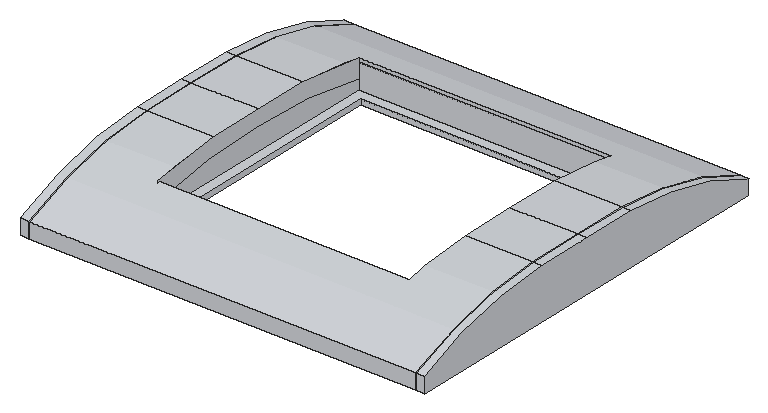
Revit family "Gira_021159", category Electrical Fixtures, host Face, Revit 2017
Family settings
  Host = Face
  Maintain Annotation Orientation = No
  Round Connector Dimension = Use Diameter
  Part Type = Normal
  Cut with Voids When Loaded = No
  Shared = No
  Room Calculation Point = No
Parameters (values of type "Cov.fr. 1-g interm.fr. CAl Gira Event Opaque dark brown")
  With mounting grid = "No"
  With hinged lid = "No"
  URL = "http://katalog.gira.de/en/datenblatt.html?artikelnr=021159"
  Type of fastening = "Clamp mounting"
  Transparent = "No"
  Surface protection = "Other"
  Suitable for wall duct = "No"
  Suitable for flush-mounted installation = "Yes"
  Suitable for floor box = "No"
  Suitable for built-in installation = "No"
  Number of units vertical = "1"
  Number of units horizontal = "1"
  Number of units = "1"
  Name = "Cov.fr. 1-g interm.fr. CAl Gira Event Opaque dark brown"
  Mounting direction = "Horizontal and vertical"
  Material quality = "Thermoplastic"
  Material = "Plastic"
  Manufacturer URL = "https://www.gira.de/"
  Manufacturer = "Gira"
  Label space/information surface = "No"
  Keynote = ""
  HeinzeBIM = "https://bimportal.heinze.de/bim/cov-fr-1-g-interm-fr-cal-gira-event-opaque-dark-brown/8907f89bfc170967230c98631cae447dc90ad622"
  Halogen free = "Yes"
  HAN = "021159"
  GTIN = "4010337003427"
  Description = "Cov.fr.1g i.fr.CAl EvOp DBN,Gira Event Opaque frames,dark brown with colour aluminium intermediate frame,1-gang,Features:,- Shatter-proof."
  Degree of protection (IP) = "IP20"
  Default Elevation = 1219.2 mm
  Data sheet (1) = "https://katalog.gira.de/en/download.html?artikelnr=021159"
  Colour = "Brown"
  Category = "Cover frame for domestic switching devices"
  BIM (1) = "https://media.stage.bim.site/public/gira/36a6b08/Event_Rahmen_1fach.rfa"
  Available = "No"
Reference planes
  plane 1 "Center (Front/Back)": y = 0
  plane 2: z = 0
  plane 3 "Center (Left/Right)": x = 0
Forms (mm)
  Extrusion 1, solid, detail levels fine
    sketch origin (0, 0, 1.55) x (0, 1, 0) y (0, 0, 1)
      loop
        arc (12.445, 9.683) -> (6.223, 9.833) -> (0, 9.85) r 291.636
        arc (0, 9.85) -> (-6.223, 9.833) -> (-12.445, 9.683) r 291.636
        arc (-12.445, 9.683) -> (-29.14, 7.482) -> (-45, 1.823) r 79.728
        line (-45, 1.823) -> (-45, -1.55) -> (-41.777, -1.55) -> (-41.777, -0.55)
        arc (-41.777, -0.55) -> (-21.205, 4.846) -> (0, 6.467) r 118.15
        arc (0, 6.467) -> (21.205, 4.846) -> (41.777, -0.55) r 118.15
        line (41.777, -0.55) -> (41.777, -1.55) -> (45, -1.55) -> (45, 1.823)
        arc (45, 1.823) -> (29.14, 7.482) -> (12.445, 9.683) r 79.728
    from -43 to 43
  Extrusion 2, void, detail levels fine
    sketch origin (0, 0, 0) x (1, 0, 0) y (0, 1, 0)
      loop
        line (-28, -28) -> (28, -28) -> (28, 28) -> (-28, 28) -> (-28, -28)
    from 2.85 to 12
  Extrusion 3, solid, detail levels coarse
    sketch origin (0, 0, 0) x (1, 0, 0) y (0, 1, 0)
      loop
        line (-45, 45) -> (-45, -45) -> (45, -45) -> (45, 45) -> (-45, 45)
    from 0 to 11.4
  Extrusion 4, solid, detail levels medium
    sketch origin (0, 0, 1.55) x (0, 1, 0) y (0, 0, 1)
      loop
        arc (12.445, 9.683) -> (6.223, 9.833) -> (0, 9.85) r 291.636
        arc (0, 9.85) -> (-6.223, 9.833) -> (-12.445, 9.683) r 291.636
        arc (-12.445, 9.683) -> (-29.14, 7.482) -> (-45, 1.823) r 79.728
        line (-45, 1.823) -> (-45, -1.55) -> (45, -1.55) -> (45, 1.823)
        arc (45, 1.823) -> (29.14, 7.482) -> (12.445, 9.683) r 79.728
    from -45 to 45
  Extrusion 5, solid, detail levels fine
    sketch origin (0, 0, 0) x (0, 1, 0) y (0, 0, 1)
      loop
        arc (45, 3.373) -> (29.14, 9.032) -> (12.445, 11.233) r 79.728
        arc (12.445, 11.233) -> (6.223, 11.383) -> (0, 11.4) r 291.636
        arc (0, 11.4) -> (-6.223, 11.383) -> (-12.445, 11.233) r 291.636
        arc (-12.445, 11.233) -> (-29.14, 9.032) -> (-45, 3.373) r 79.728
        line (-45, 3.373) -> (-45, 0) -> (45, 0) -> (45, 3.373)
    from 43 to 45
  Extrusion 6, solid, detail levels fine
    sketch origin (0, 0, 0) x (0, 1, 0) y (0, 0, -1)
      loop
        line (45, -3.373) -> (45, 0) -> (-45, 0) -> (-45, -3.373)
        arc (-45, -3.373) -> (-29.14, -9.032) -> (-12.445, -11.233) r 79.728
        arc (-12.445, -11.233) -> (-6.223, -11.383) -> (0, -11.4) r 291.636
        arc (0, -11.4) -> (6.223, -11.383) -> (12.445, -11.233) r 291.636
        arc (12.445, -11.233) -> (29.14, -9.032) -> (45, -3.373) r 79.728
    from 43 to 45
  Extrusion 7, solid, detail levels fine
    sketch origin (0, 0, 0) x (1, 0, 0) y (0, 1, 0)
      loop
        line (-25.7, 25.7) -> (-25.7, -25.7) -> (25.7, -25.7) -> (25.7, 25.7) -> (-25.7, 25.7)
      loop
        line (-29.495, 27.895) -> (-29.495, -27.895)
        spline (-29.495, -27.895) -> (-29.486, -28.025) -> (-29.461, -28.154) -> (-29.419, -28.278) -> (-29.361, -28.395) -> (-29.288, -28.504) -> (-29.202, -28.602) -> (-29.104, -28.688) -> (-28.995, -28.761) -> (-28.878, -28.819) -> (-28.754, -28.861) -> (-28.625, -28.886) -> (-28.495, -28.895)
        line (-28.495, -28.895) -> (28.495, -28.895)
        spline (28.495, -28.895) -> (28.625, -28.886) -> (28.754, -28.861) -> (28.878, -28.819) -> (28.995, -28.761) -> (29.104, -28.688) -> (29.202, -28.602) -> (29.288, -28.504) -> (29.361, -28.395) -> (29.419, -28.278) -> (29.461, -28.154) -> (29.486, -28.025) -> (29.495, -27.895)
        line (29.495, -27.895) -> (29.495, 27.895)
        spline (29.495, 27.895) -> (29.486, 28.025) -> (29.461, 28.154) -> (29.419, 28.278) -> (29.361, 28.395) -> (29.288, 28.504) -> (29.202, 28.602) -> (29.104, 28.688) -> (28.995, 28.761) -> (28.878, 28.819) -> (28.754, 28.861) -> (28.625, 28.886) -> (28.495, 28.895)
        line (28.495, 28.895) -> (-28.495, 28.895)
        spline (-28.495, 28.895) -> (-28.625, 28.886) -> (-28.754, 28.861) -> (-28.878, 28.819) -> (-28.995, 28.761) -> (-29.104, 28.688) -> (-29.202, 28.602) -> (-29.288, 28.504) -> (-29.361, 28.395) -> (-29.419, 28.278) -> (-29.461, 28.154) -> (-29.486, 28.025) -> (-29.495, 27.895)
    from 1.673 to 8.5
Cuts and joins
  Extrusion 2 cuts Extrusion 1
  Extrusion 2 cuts Extrusion 7
Dimensions and locks
  aligned and locked: plane 2 to host face
  aligned and locked: level to host face
